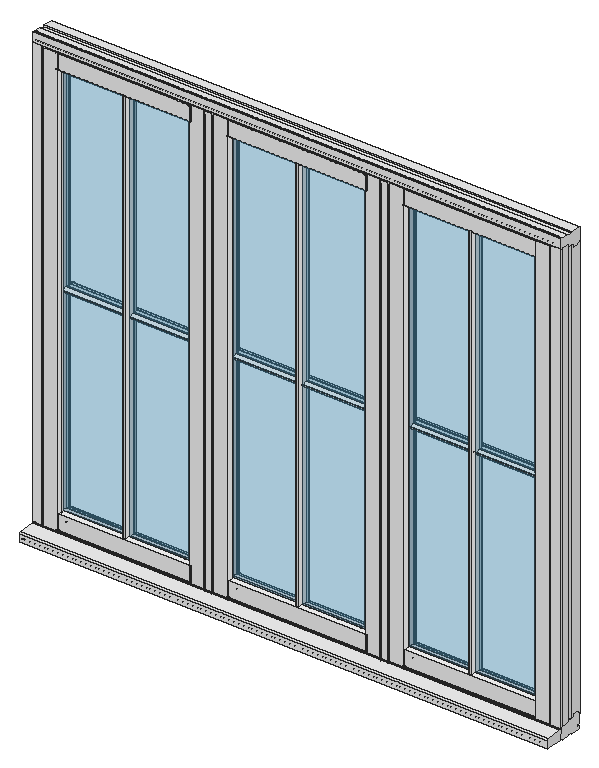
Revit family "C3-4P", category Windows, host Wall, Revit 2012
Parameters
  metal = Matel
  Wood = WindowColor
  Str.Tolrance = 11.0 mm
  Height = 1770.0 mm
  Glass = Glass
  Default Sill Height = 914.4 mm
  Wall Closure = By host
  Width = 2078.0 mm
Reference planes
  plane 1 "Center (Front/Back)": y = 0
  plane 2: z = 0
  plane 3 "Center (Left/Right)": x = 0
  plane 4 "Left": x = -1039
  plane 5 "Right": x = 1039
  plane 6 "Sill": z = 914.4
  plane 7 "Top": z = 2684.4
  plane 8: y = 33.076
  plane 9: z = 2648.4
  plane 10: x = 999
  plane 11: x = -999
  plane 12: z = 2644.4
  plane 13: z = 962.4
  plane 14: x = 941
  plane 15: x = -941
  plane 16: z = 1024.4
  plane 17: z = 2586.4
  plane 18: z = 2628.4
  plane 19: z = 1799.4
  plane 20: x = 346.333
  plane 21: x = -346.333
  plane 22: z = 952.4
  plane 23: x = 32.529
  plane 24: x = 364.333
  plane 25: x = 328.333
  plane 26: x = -364.333
  plane 27: x = -328.333
  plane 28: x = -230.333
  plane 29: x = 681.667
  plane 30: x = 0
  plane 31: x = -681.667
Forms (mm)
  Sweep 1, solid, material "Matel" <- "metal"
    path origin (0, 0, 0) x (1, 0, 0) y (0, 0, 1)
      loop
        line (1039, 914.4) -> (1039, 2648.4)
    profile origin (1039, 0, 1781.4) x (-1, 0, 0) y (0, -1, 0)
      loop
        line (0, -10) -> (0, -47) -> (43, -47) -> (43, -44)
        arc (43, -44) -> (50.071, -41.071) -> (53, -34) r 10
        line (53, -34) -> (56, -34) -> (56, -18) -> (36, -18) -> (36, -14) -> (44, -14) -> (44, -4) -> (36, -4) -> (36, -1) -> (44, -1) -> (44, 7) -> (36, 7) -> (36, 31.727)
        arc (36, 31.727) -> (34.922, 33.441) -> (33, 34.079) r 3
        line (33, 34.079) -> (33, 41)
        arc (33, 41) -> (34.834, 41.499) -> (36, 43) r 3
        line (36, 43) -> (36, 47) -> (0, 47) -> (0, 42) -> (2, 42)
        arc (2, 42) -> (5, 39) -> (2, 36) r 3
        line (2, 36) -> (0, 36) -> (0, 10) -> (5, 10) -> (5, -10) -> (0, -10)
  Sweep 2, solid, material "Matel" <- "metal"
    path origin (0, 0, 0) x (1, 0, 0) y (0, 0, 1)
      loop
        line (999, 914.4) -> (999, 2644.4)
    profile origin (999, 0, 1779.4) x (-1, 0, 0) y (0, -1, 0)
      loop
        arc (8, -11.25) -> (8.879, -13.371) -> (11, -14.25) r 3
        line (11, -14.25) -> (52, -14.25) -> (52, 33.75) -> (68, 33.75) -> (68, 35.75) -> (58, 45.75) -> (3, 45.75)
        arc (3, 45.75) -> (0.879, 44.871) -> (0, 42.75) r 3
        line (0, 42.75) -> (0, 40.75)
        arc (0, 40.75) -> (0.879, 38.629) -> (3, 37.75) r 3
        line (3, 37.75) -> (8, 37.75) -> (8, 26.75)
        arc (8, 26.75) -> (8.586, 25.336) -> (10, 24.75) r 2
        line (10, 24.75) -> (10, 6.75)
        arc (10, 6.75) -> (8.586, 6.164) -> (8, 4.75) r 2
        line (8, 4.75) -> (8, -11.25)
  Sweep 3, solid, material "Matel" <- "metal"
    path origin (0, 0, 0) x (-1, 0, 0) y (0, 0, 1)
      loop
        line (1039, 914.4) -> (1039, 2648.4)
    profile origin (-1039, 0, 1781.4) x (-1, 0, 0) y (0, -1, 0)
      loop
        line (0, -10) -> (-5, -10) -> (-5, 10) -> (0, 10) -> (0, 36) -> (-2, 36)
        arc (-2, 36) -> (-5, 39) -> (-2, 42) r 3
        line (-2, 42) -> (0, 42) -> (0, 47) -> (-36, 47) -> (-36, 43)
        arc (-36, 43) -> (-34.834, 41.499) -> (-33, 41) r 3
        line (-33, 41) -> (-33, 34.079)
        arc (-33, 34.079) -> (-34.922, 33.441) -> (-36, 31.727) r 3
        line (-36, 31.727) -> (-36, 7) -> (-44, 7) -> (-44, -1) -> (-36, -1) -> (-36, -4) -> (-44, -4) -> (-44, -14) -> (-36, -14) -> (-36, -18) -> (-56, -18) -> (-56, -34) -> (-53, -34)
        arc (-53, -34) -> (-50.071, -41.071) -> (-43, -44) r 10
        line (-43, -44) -> (-43, -47) -> (0, -47) -> (0, -10)
  Sweep 4, solid, material "Matel" <- "metal"
    path origin (-2484.788, 0, 2651.344) x (0, 0, 1) y (1, 0, 0)
      loop
        line (33.056, 1445.788) -> (33.056, 3523.788)
    profile origin (0, 0, 2684.4) x (0, 0, 1) y (0, -1, 0)
      loop
        line (0, -10) -> (-5, -10) -> (-5, 10) -> (0, 10) -> (0, 36) -> (-2, 36)
        arc (-2, 36) -> (-5, 39) -> (-2, 42) r 3
        line (-2, 42) -> (0, 42) -> (0, 47) -> (-36, 47) -> (-36, 43)
        arc (-36, 43) -> (-34.834, 41.499) -> (-33, 41) r 3
        line (-33, 41) -> (-33, 34.079)
        arc (-33, 34.079) -> (-34.922, 33.441) -> (-36, 31.727) r 3
        line (-36, 31.727) -> (-36, 7) -> (-44, 7) -> (-44, -1) -> (-36, -1) -> (-36, -4) -> (-44, -4) -> (-44, -14) -> (-36, -14) -> (-36, -18) -> (-56, -18) -> (-56, -34) -> (-53, -34)
        arc (-53, -34) -> (-50.071, -41.071) -> (-43, -44) r 10
        line (-43, -44) -> (-43, -47) -> (0, -47) -> (0, -10)
  Sweep 5, solid, material "Matel" <- "metal"
    path origin (0, 0, 0) x (1, 0, 0) y (0, 0, 1)
      loop
        line (1039, 914.4) -> (-1039, 914.4)
    profile origin (0, 0, 914.4) x (0, 0, -1) y (0, -1, 0)
      loop
        line (-55, -46) -> (-20, -46) -> (-20, -36) -> (-10, -36) -> (-10, -46) -> (0, -46) -> (0, -9) -> (-5, -9) -> (-5, 11) -> (0, 11) -> (0, 37) -> (-2, 37)
        arc (-2, 37) -> (-5, 40) -> (-2, 43) r 3
        line (-2, 43) -> (0, 43) -> (0, 48) -> (-23, 48) -> (-23, 43) -> (-38, 43) -> (-38, 48) -> (-41, 48)
        arc (-41, 48) -> (-42.414, 47.414) -> (-43, 46) r 2
        line (-43, 46) -> (-48, 6) -> (-53, 6) -> (-56, -17) -> (-57, -17) -> (-57, -23) -> (-60, -23) -> (-60, -17) -> (-68, -17) -> (-68, -33) -> (-65, -33)
        arc (-65, -33) -> (-62.071, -40.071) -> (-55, -43) r 10
        line (-55, -43) -> (-55, -46)
  Sweep 6, solid, material "Matel" <- "metal"
    path origin (0, 0, 0) x (1, 0, 0) y (0, 0, 1)
      loop
        line (1039, 914.4) -> (-1039, 914.4)
    profile origin (0, 0, 914.4) x (0, 0, -1) y (0, -1, 0)
      loop
        line (-2, 103) -> (0, 103) -> (0, 108) -> (-28, 108)
        arc (-28, 108) -> (-30.068, 107.174) -> (-30.996, 105.149) r 3
        line (-30.996, 105.149) -> (-38, 48) -> (-38, 43) -> (-23, 43) -> (-23, 48) -> (0, 48) -> (0, 97) -> (-2, 97)
        arc (-2, 97) -> (-5, 100) -> (-2, 103) r 3
  Sweep 7, solid, material "Matel" <- "metal"
    path origin (0, 0, 0) x (1, 0, 0) y (0, 0, 1)
      loop
        line (947, 957.4) -> (416.333, 957.4)
    profile origin (681.667, 0, 957.4) x (0, 0, -1) y (0, -1, 0)
      loop
        line (-12, -11.75) -> (-12, 4.25)
        arc (-12, 4.25) -> (-12.586, 5.664) -> (-14, 6.25) r 2
        line (-14, 6.25) -> (-14, 24.25)
        arc (-14, 24.25) -> (-12.586, 24.836) -> (-12, 26.25) r 2
        line (-12, 26.25) -> (-12, 37.25) -> (-3, 37.25)
        arc (-3, 37.25) -> (-0.879, 38.129) -> (0, 40.25) r 3
        line (0, 40.25) -> (0, 42.25)
        arc (0, 42.25) -> (-0.879, 44.371) -> (-3, 45.25) r 3
        line (-3, 45.25) -> (-62, 45.25) -> (-72, 35.25) -> (-72, 33.25) -> (-56, 33.25) -> (-56, -14.75) -> (-15, -14.75)
        arc (-15, -14.75) -> (-12.879, -13.871) -> (-12, -11.75) r 3
  Sweep 8, solid, material "Matel" <- "metal"
    path origin (0, 0, 0) x (1, 0, 0) y (0, 0, 1)
      loop
        line (-422.333, 2586.4) -> (-941, 2586.4) -> (-941, 1019.4) -> (-422.333, 1019.4) -> (-422.333, 2586.4)
    profile origin (-681.667, 0, 2586.4) x (0, 0, -1) y (0, -1, 0)
      loop
        line (-1, -10) -> (-1, -7)
        arc (-1, -7) -> (4.657, -4.657) -> (7, 1) r 8
        line (7, 1) -> (10, 1) -> (10, 5) -> (6, 6) -> (6, 9) -> (-6, 9) -> (-6, -10) -> (-1, -10)
  Sweep 9, solid
    path origin (0, 0, 0) x (1, 0, 0) y (0, 0, 1)
      loop
        line (-422.333, 2586.4) -> (-941, 2586.4) -> (-941, 1024.4) -> (-422.333, 1024.4) -> (-422.333, 2586.4)
    profile origin (-681.667, 0, 2586.4) x (0, 0, -1) y (0, -1, 0)
      loop
        line (-6, 13.165) -> (4, 13.165) -> (4, 29.165) -> (-6, 29.165) -> (-6, 13.165)
  Sweep 10, void
    path origin (0, 0, 0) x (1, 0, 0) y (0, 1, 0)
      loop
        line (-1039, 0) -> (1039, 0)
    profile origin (0, 0, 0) x (0, 1, 0) y (0, 0, 1)
      loop
        line (46, 969.4) -> (43, 969.4)
        arc (43, 969.4) -> (40.071, 976.471) -> (33, 979.4) r 10
        line (33, 979.4) -> (33, 982.4) -> (17, 982.4) -> (17, 974.4) -> (23, 974.4) -> (23, 971.4) -> (17, 971.4) -> (17, 970.4) -> (-6, 967.4) -> (-6, 962.4) -> (-46, 957.4)
        arc (-46, 957.4) -> (-47.414, 956.814) -> (-48, 955.4) r 2
        line (-48, 955.4) -> (-48, 952.4) -> (-80.364, 948.378) -> (-105.37, 945.377) -> (-130.37, 942.377)
        arc (-130.37, 942.377) -> (-132.248, 941.386) -> (-133, 939.4) r 3
        line (-133, 939.4) -> (-133, 909.4) -> (57, 909.4) -> (57, 969.4) -> (46, 969.4)
  Sweep 11, void
    path origin (0, 0, 0) x (1, 0, 0) y (0, 1, 0)
      loop
        line (-1039, 0) -> (1039, 0)
    profile origin (0, 0, 0) x (0, 1, 0) y (0, 0, 1)
      loop
        line (47, 2641.4) -> (57, 2641.4) -> (57, 2691.4) -> (-58, 2691.4) -> (-58, 2648.4) -> (-47, 2648.4) -> (-43, 2648.4)
        arc (-43, 2648.4) -> (-41.499, 2649.566) -> (-41, 2651.4) r 3
        line (-41, 2651.4) -> (-34.079, 2651.4)
        arc (-34.079, 2651.4) -> (-33.441, 2649.478) -> (-31.727, 2648.4) r 3
        line (-31.727, 2648.4) -> (-7, 2648.4) -> (-7, 2640.4) -> (1, 2640.4) -> (1, 2648.4) -> (4, 2648.4) -> (4, 2640.4) -> (14, 2640.4) -> (14, 2648.4) -> (18, 2648.4) -> (18, 2628.4) -> (34, 2628.4) -> (34, 2631.4)
        arc (34, 2631.4) -> (41.071, 2634.329) -> (44, 2641.4) r 10
        line (44, 2641.4) -> (47, 2641.4)
  Sweep 12, solid, material "Matel" <- "metal"
    path origin (0, 0, 0) x (1, 0, 0) y (0, 0, 1)
      loop
        line (941, 1799.4) -> (-941, 1799.4)
    profile origin (0, 0, 1799.4) x (0, 0, -1) y (0, -1, 0)
      loop
        line (10, -10.711) -> (-10, -10.711) -> (-10, -16.711) -> (-8, -16.711) -> (-8, -19.211)
        arc (-8, -19.211) -> (-6.294, -23.727) -> (-2.5, -26.711) r 9
        line (-2.5, -26.711) -> (-2.5, -28.711) -> (2.5, -28.711) -> (2.5, -26.711)
        arc (2.5, -26.711) -> (6.294, -23.727) -> (8, -19.211) r 9
        line (8, -19.211) -> (8, -16.711) -> (10, -16.711) -> (10, -10.711)
      loop
        line (10, 18.378) -> (2.551, 26.532) -> (2.551, 28.532) -> (-2.449, 28.532) -> (-2.449, 26.532) -> (-10, 15.578) -> (10, 15.578) -> (10, 18.378)
  Sweep 13, solid, material "Matel" <- "metal"
    path origin (0, 0, 0) x (1, 0, 0) y (0, 0, 1)
      loop
        line (941, 1799.4) -> (-941, 1799.4)
    profile origin (0, 0, 1799.4) x (0, 0, -1) y (0, -1, 0)
      loop
        line (10, -5.465) -> (10, 10.535) -> (-10, 10.535) -> (-10, -5.465) -> (10, -5.465)
  Sweep 14, solid, material "Matel" <- "metal"
    path origin (0, 0, 0) x (1, 0, 0) y (0, 0, 1)
      loop
        line (346.333, 2644.4) -> (346.333, 952.4)
    profile origin (346.333, 0, 1798.4) x (0, -1, 0) y (1, 0, 0)
      loop
        line (43, -13.953) -> (47, -13.953) -> (47, 14.047) -> (43, 14.047)
        arc (43, 14.047) -> (41.586, 13.461) -> (41, 12.047) r 2
        line (41, 12.047) -> (41, 11.047) -> (34, 11.047) -> (34, 12.047)
        arc (34, 12.047) -> (33.414, 13.461) -> (32, 14.047) r 2
        line (32, 14.047) -> (7, 14.047) -> (7, 20.047) -> (-1, 20.047) -> (-1, 14.047) -> (-4, 14.047) -> (-4, 22.047) -> (-14, 22.047) -> (-14, 14.047) -> (-18, 14.047) -> (-18, 34.047) -> (-34, 34.047) -> (-34, 31.047)
        arc (-34, 31.047) -> (-41.071, 28.118) -> (-44, 21.047) r 10
        line (-44, 21.047) -> (-47, 21.047) -> (-47, -20.953) -> (-44, -20.953)
        arc (-44, -20.953) -> (-41.071, -28.024) -> (-34, -30.953) r 10
        line (-34, -30.953) -> (-34, -33.953) -> (-18, -33.953) -> (-18, -13.953) -> (-14, -13.953) -> (-14, -21.953) -> (-4, -21.953) -> (-4, -13.953) -> (-1, -13.953) -> (-1, -19.953) -> (7, -19.953) -> (7, -13.953) -> (32, -13.953)
        arc (32, -13.953) -> (33.414, -13.367) -> (34, -11.953) r 2
        line (34, -11.953) -> (34, -10.953) -> (41, -10.953) -> (41, -11.953)
        arc (41, -11.953) -> (41.586, -13.367) -> (43, -13.953) r 2
  Sweep 15, solid, material "Matel" <- "metal"
    path origin (0, 0, 0) x (-1, 0, 0) y (0, 0, 1)
      loop
        line (346.333, 2644.4) -> (346.333, 952.4)
    profile origin (-346.333, 0, 1798.4) x (0, -1, 0) y (1, 0, 0)
      loop
        arc (43, 13.953) -> (41.586, 13.367) -> (41, 11.953) r 2
        line (41, 11.953) -> (41, 10.953) -> (34, 10.953) -> (34, 11.953)
        arc (34, 11.953) -> (33.414, 13.367) -> (32, 13.953) r 2
        line (32, 13.953) -> (7, 13.953) -> (7, 19.953) -> (-1, 19.953) -> (-1, 13.953) -> (-4, 13.953) -> (-4, 21.953) -> (-14, 21.953) -> (-14, 13.953) -> (-18, 13.953) -> (-18, 33.953) -> (-34, 33.953) -> (-34, 30.953)
        arc (-34, 30.953) -> (-41.071, 28.024) -> (-44, 20.953) r 10
        line (-44, 20.953) -> (-47, 20.953) -> (-47, -21.047) -> (-44, -21.047)
        arc (-44, -21.047) -> (-41.071, -28.118) -> (-34, -31.047) r 10
        line (-34, -31.047) -> (-34, -34.047) -> (-18, -34.047) -> (-18, -14.047) -> (-14, -14.047) -> (-14, -22.047) -> (-4, -22.047) -> (-4, -14.047) -> (-1, -14.047) -> (-1, -20.047) -> (7, -20.047) -> (7, -14.047) -> (32, -14.047)
        arc (32, -14.047) -> (33.414, -13.461) -> (34, -12.047) r 2
        line (34, -12.047) -> (34, -11.047) -> (41, -11.047) -> (41, -12.047)
        arc (41, -12.047) -> (41.586, -13.461) -> (43, -14.047) r 2
        line (43, -14.047) -> (47, -14.047) -> (47, 13.953) -> (43, 13.953)
  Sweep 16, solid, material "Matel" <- "metal"
    path origin (0, 1.25, 0) x (-1, 0, 0) y (0, 0, 1)
      loop
        line (999, 914.4) -> (999, 2644.4)
    profile origin (-999, 1.25, 1779.4) x (-1, 0, 0) y (0, -1, 0)
      loop
        line (-8, -10) -> (-8, 6)
        arc (-8, 6) -> (-8.586, 7.414) -> (-10, 8) r 2
        line (-10, 8) -> (-10, 26)
        arc (-10, 26) -> (-8.586, 26.586) -> (-8, 28) r 2
        line (-8, 28) -> (-8, 39) -> (-3, 39)
        arc (-3, 39) -> (-0.879, 39.879) -> (0, 42) r 3
        line (0, 42) -> (0, 44)
        arc (0, 44) -> (-0.879, 46.121) -> (-3, 47) r 3
        line (-3, 47) -> (-58, 47) -> (-68, 37) -> (-68, 35) -> (-52, 35) -> (-52, -13) -> (-11, -13)
        arc (-11, -13) -> (-8.879, -12.121) -> (-8, -10) r 3
  Sweep 17, solid, material "Matel" <- "metal"
    path origin (0, 0, 0) x (-1, 0, 0) y (0, 0, 1)
      loop
        line (-422.333, 2586.4) -> (-941, 2586.4) -> (-941, 1019.4) -> (-422.333, 1019.4) -> (-422.333, 2586.4)
    profile origin (681.667, 0, 2586.4) x (0, 0, 1) y (0, -1, 0)
      loop
        line (1, -10) -> (6, -10) -> (6, 9) -> (-6, 9) -> (-6, 6) -> (-10, 5) -> (-10, 1) -> (-7, 1)
        arc (-7, 1) -> (-4.657, -4.657) -> (1, -7) r 8
        line (1, -7) -> (1, -10)
  Sweep 18, solid, material "Matel" <- "metal"
    path origin (692.667, 0, 0) x (-1, 0, 0) y (0, 0, 1)
      loop
        line (1021, 914.4) -> (1021, 2644.4)
    profile origin (-328.333, 0, 1779.4) x (-1, 0, 0) y (0, -1, 0)
      loop
        line (-8, -11.25) -> (-8, 4.75)
        arc (-8, 4.75) -> (-8.586, 6.164) -> (-10, 6.75) r 2
        line (-10, 6.75) -> (-10, 24.75)
        arc (-10, 24.75) -> (-8.586, 25.336) -> (-8, 26.75) r 2
        line (-8, 26.75) -> (-8, 37.75) -> (-3, 37.75)
        arc (-3, 37.75) -> (-0.879, 38.629) -> (0, 40.75) r 3
        line (0, 40.75) -> (0, 42.75)
        arc (0, 42.75) -> (-0.879, 44.871) -> (-3, 45.75) r 3
        line (-3, 45.75) -> (-58, 45.75) -> (-68, 35.75) -> (-68, 33.75) -> (-52, 33.75) -> (-52, -14.25) -> (-11, -14.25)
        arc (-11, -14.25) -> (-8.879, -13.371) -> (-8, -11.25) r 3
  Sweep 19, solid, material "Matel" <- "metal"
    path origin (-692.667, 0, 0) x (1, 0, 0) y (0, 0, 1)
      loop
        line (1021, 914.4) -> (1021, 2644.4)
    profile origin (328.333, 0, 1779.4) x (-1, 0, 0) y (0, -1, 0)
      loop
        arc (8, -11.25) -> (8.879, -13.371) -> (11, -14.25) r 3
        line (11, -14.25) -> (52, -14.25) -> (52, 33.75) -> (68, 33.75) -> (68, 35.75) -> (58, 45.75) -> (3, 45.75)
        arc (3, 45.75) -> (0.879, 44.871) -> (0, 42.75) r 3
        line (0, 42.75) -> (0, 40.75)
        arc (0, 40.75) -> (0.879, 38.629) -> (3, 37.75) r 3
        line (3, 37.75) -> (8, 37.75) -> (8, 26.75)
        arc (8, 26.75) -> (8.586, 25.336) -> (10, 24.75) r 2
        line (10, 24.75) -> (10, 6.75)
        arc (10, 6.75) -> (8.586, 6.164) -> (8, 4.75) r 2
        line (8, 4.75) -> (8, -11.25)
  Sweep 20, solid, material "Matel" <- "metal"
    path origin (-4391.593, 0, -190.247) x (0, 0, 1) y (1, 0, 0)
      loop
        line (2834.647, 4115.259) -> (2834.647, 4667.926)
    profile origin (0, 0, 2644.4) x (0, 0, 1) y (0, -1, 0)
      loop
        line (-8, -11.75) -> (-8, 4.25)
        arc (-8, 4.25) -> (-8.586, 5.664) -> (-10, 6.25) r 2
        line (-10, 6.25) -> (-10, 24.25)
        arc (-10, 24.25) -> (-8.586, 24.836) -> (-8, 26.25) r 2
        line (-8, 26.25) -> (-8, 37.25) -> (-3, 37.25)
        arc (-3, 37.25) -> (-0.879, 38.129) -> (0, 40.25) r 3
        line (0, 40.25) -> (0, 42.25)
        arc (0, 42.25) -> (-0.879, 44.371) -> (-3, 45.25) r 3
        line (-3, 45.25) -> (-58, 45.25) -> (-68, 35.25) -> (-68, 33.25) -> (-52, 33.25) -> (-52, -14.75) -> (-11, -14.75)
        arc (-11, -14.75) -> (-8.879, -13.871) -> (-8, -11.75) r 3
  Sweep 21, solid, material "Matel" <- "metal"
    path origin (692.667, 0, 0) x (-1, 0, 0) y (0, 0, 1)
      loop
        line (969, 957.4) -> (416.333, 957.4)
    profile origin (0, 0, 957.4) x (0, 0, 1) y (0, -1, 0)
      loop
        arc (12, -11.75) -> (12.879, -13.871) -> (15, -14.75) r 3
        line (15, -14.75) -> (56, -14.75) -> (56, 33.25) -> (72, 33.25) -> (72, 35.25) -> (62, 45.25) -> (3, 45.25)
        arc (3, 45.25) -> (0.879, 44.371) -> (0, 42.25) r 3
        line (0, 42.25) -> (0, 40.25)
        arc (0, 40.25) -> (0.879, 38.129) -> (3, 37.25) r 3
        line (3, 37.25) -> (12, 37.25) -> (12, 26.25)
        arc (12, 26.25) -> (12.586, 24.836) -> (14, 24.25) r 2
        line (14, 24.25) -> (14, 6.25)
        arc (14, 6.25) -> (12.586, 5.664) -> (12, 4.25) r 2
        line (12, 4.25) -> (12, -11.75)
  Sweep 22, solid, material "Matel" <- "metal"
    path origin (-1385.333, 0, 0) x (1, 0, 0) y (0, 0, 1)
      loop
        line (969, 957.4) -> (438.333, 957.4)
    profile origin (-681.667, 0, 957.4) x (0, 0, -1) y (0, -1, 0)
      loop
        line (-12, -11.75) -> (-12, 4.25)
        arc (-12, 4.25) -> (-12.586, 5.664) -> (-14, 6.25) r 2
        line (-14, 6.25) -> (-14, 24.25)
        arc (-14, 24.25) -> (-12.586, 24.836) -> (-12, 26.25) r 2
        line (-12, 26.25) -> (-12, 37.25) -> (-3, 37.25)
        arc (-3, 37.25) -> (-0.879, 38.129) -> (0, 40.25) r 3
        line (0, 40.25) -> (0, 42.25)
        arc (0, 42.25) -> (-0.879, 44.371) -> (-3, 45.25) r 3
        line (-3, 45.25) -> (-62, 45.25) -> (-72, 35.25) -> (-72, 33.25) -> (-56, 33.25) -> (-56, -14.75) -> (-15, -14.75)
        arc (-15, -14.75) -> (-12.879, -13.871) -> (-12, -11.75) r 3
  Sweep 23, solid, material "Matel" <- "metal"
    path origin (692.667, 0, 0) x (1, 0, 0) y (0, 0, 1)
      loop
        line (-416.333, 2586.4) -> (-969, 2586.4) -> (-969, 1018.4) -> (-416.333, 1018.4) -> (-416.333, 2586.4)
    profile origin (0, 0, 2586.4) x (0, 0, -1) y (0, -1, 0)
      loop
        line (-1, -10) -> (-1, -7)
        arc (-1, -7) -> (4.657, -4.657) -> (7, 1) r 8
        line (7, 1) -> (10, 1) -> (10, 5) -> (6, 6) -> (6, 9) -> (-6, 9) -> (-6, -10) -> (-1, -10)
  Sweep 24, solid
    path origin (0, 0, 0) x (-1, 0, 0) y (0, 0, 1)
      loop
        line (-428.333, 2586.4) -> (-941, 2586.4) -> (-941, 1024.4) -> (-428.333, 1024.4) -> (-428.333, 2586.4)
    profile origin (684.667, 0, 2586.4) x (0, 0, 1) y (0, -1, 0)
      loop
        line (6, 13.165) -> (6, 29.165) -> (-4, 29.165) -> (-4, 13.165) -> (6, 13.165)
  Sweep 25, solid
    path origin (-692.667, 0, 0) x (-1, 0, 0) y (0, 0, 1)
      loop
        line (-422.333, 2586.4) -> (-963, 2586.4) -> (-963, 1024.4) -> (-422.333, 1024.4) -> (-422.333, 2586.4)
    profile origin (0, 0, 2586.4) x (0, 0, 1) y (0, -1, 0)
      loop
        line (6, 13.165) -> (6, 29.165) -> (-4, 29.165) -> (-4, 13.165) -> (6, 13.165)
  Extrusion 26, solid, material "Glass" <- "Glass"
    sketch origin (0, 0, 0) x (1, 0, 0) y (0, 0, 1)
      loop
        line (941, 2586.4) -> (422.333, 2586.4) -> (422.333, 1024.4) -> (941, 1024.4) -> (941, 2586.4)
    from 29.165 to 33.165
  Extrusion 27, solid, material "Glass" <- "Glass"
    sketch origin (0, -42.331, 0) x (1, 0, 0) y (0, 0, -1)
      loop
        line (941, -2586.4) -> (941, -1018.4) -> (422.333, -1018.4) -> (422.333, -2586.4) -> (941, -2586.4)
    from 29.165 to 33.165
  Extrusion 28, solid, material "Glass" <- "Glass"
    sketch origin (0, 0, 0) x (-1, 0, 0) y (0, 0, -1)
      loop
        line (941, -2586.4) -> (941, -1024.4) -> (416.333, -1024.4) -> (416.333, -2586.4) -> (941, -2586.4)
    from 29.165 to 33.165
  Extrusion 29, solid, material "Glass" <- "Glass"
    sketch origin (0, -42.331, 0) x (-1, 0, 0) y (0, 0, 1)
      loop
        line (941, 2586.4) -> (416.333, 2586.4) -> (416.333, 1018.4) -> (941, 1018.4) -> (941, 2586.4)
    from 29.165 to 33.165
  Extrusion 30, solid, material "Glass" <- "Glass"
    sketch origin (700, 0, 0) x (-1, 0, 0) y (0, 0, -1)
      loop
        line (976.333, -2586.4) -> (976.333, -1018.4) -> (423.667, -1018.4) -> (423.667, -2586.4) -> (976.333, -2586.4)
    from 29.165 to 33.165
  Extrusion 31, solid, material "Glass" <- "Glass"
    sketch origin (700, -42.331, 0) x (-1, 0, 0) y (0, 0, 1)
      loop
        line (976.333, 2586.4) -> (423.667, 2586.4) -> (423.667, 1018.4) -> (976.333, 1018.4) -> (976.333, 2586.4)
    from 29.165 to 33.165
  Sweep 32, solid, material "Matel" <- "metal", detail levels fine
    path origin (-1117.733, 0, 1556.764) x (0, 0, -1) y (1, 0, 0)
      loop
        line (532.364, 1799.4) -> (-1029.636, 1799.4)
    profile origin (681.667, 0, 1805.4) x (-1, 0, 0) y (0, -1, 0)
      loop
        line (10, 7.883) -> (-10, 7.883) -> (-10, 1.883) -> (-8, 1.883) -> (-8, -0.617)
        arc (-8, -0.617) -> (-6.294, -5.133) -> (-2.5, -8.117) r 9
        line (-2.5, -8.117) -> (-2.5, -10.117) -> (2.5, -10.117) -> (2.5, -8.117)
        arc (2.5, -8.117) -> (6.294, -5.133) -> (8, -0.617) r 9
        line (8, -0.617) -> (8, 1.883) -> (10, 1.883) -> (10, 7.883)
      loop
        line (10, 36.972) -> (2.551, 45.126) -> (2.551, 47.126) -> (-2.449, 47.126) -> (-2.449, 45.126) -> (-10, 34.172) -> (10, 34.172) -> (10, 36.972)
  Sweep 33, solid, material "Matel" <- "metal", detail levels fine
    path origin (-5067.285, 0, 1340.129) x (0, 0, -1) y (1, 0, 0)
      loop
        line (315.729, 5748.951) -> (-1246.271, 5748.951)
    profile origin (681.667, 0, 1805.4) x (-1, 0, 0) y (0, -1, 0)
      loop
        line (10, 13.285) -> (10, 29.285) -> (-10, 29.285) -> (-10, 13.285) -> (10, 13.285)
  Sweep 34, solid, material "Matel" <- "metal", detail levels fine
    path origin (-4440.746, 0, 1484.764) x (0, 0, -1) y (1, 0, 0)
      loop
        line (460.364, 4440.746) -> (-1101.636, 4440.746)
    profile origin (0, 0, 1805.4) x (-1, 0, 0) y (0, -1, 0)
      loop
        line (10, 7.883) -> (-10, 7.883) -> (-10, 1.883) -> (-8, 1.883) -> (-8, -0.617)
        arc (-8, -0.617) -> (-6.294, -5.133) -> (-2.5, -8.117) r 9
        line (-2.5, -8.117) -> (-2.5, -10.117) -> (2.5, -10.117) -> (2.5, -8.117)
        arc (2.5, -8.117) -> (6.294, -5.133) -> (8, -0.617) r 9
        line (8, -0.617) -> (8, 1.883) -> (10, 1.883) -> (10, 7.883)
      loop
        line (10, 36.972) -> (2.551, 45.126) -> (2.551, 47.126) -> (-2.449, 47.126) -> (-2.449, 45.126) -> (-10, 34.172) -> (10, 34.172) -> (10, 36.972)
  Sweep 35, solid, material "Matel" <- "metal", detail levels fine
    path origin (-8390.297, 0, 1268.129) x (0, 0, -1) y (1, 0, 0)
      loop
        line (243.729, 8390.297) -> (-1318.271, 8390.297)
    profile origin (0, 0, 1805.4) x (-1, 0, 0) y (0, -1, 0)
      loop
        line (10, 13.285) -> (10, 29.285) -> (-10, 29.285) -> (-10, 13.285) -> (10, 13.285)
  Sweep 36, solid, material "Matel" <- "metal", detail levels fine
    path origin (-4624.339, 0, 1249.976) x (0, 0, -1) y (1, 0, 0)
      loop
        line (225.576, 3942.672) -> (-1336.424, 3942.672)
    profile origin (-681.667, 0, 1805.4) x (-1, 0, 0) y (0, -1, 0)
      loop
        line (10, 7.883) -> (-10, 7.883) -> (-10, 1.883) -> (-8, 1.883) -> (-8, -0.617)
        arc (-8, -0.617) -> (-6.294, -5.133) -> (-2.5, -8.117) r 9
        line (-2.5, -8.117) -> (-2.5, -10.117) -> (2.5, -10.117) -> (2.5, -8.117)
        arc (2.5, -8.117) -> (6.294, -5.133) -> (8, -0.617) r 9
        line (8, -0.617) -> (8, 1.883) -> (10, 1.883) -> (10, 7.883)
      loop
        line (10, 36.972) -> (2.551, 45.126) -> (2.551, 47.126) -> (-2.449, 47.126) -> (-2.449, 45.126) -> (-10, 34.172) -> (10, 34.172) -> (10, 36.972)
  Sweep 37, solid, material "Matel" <- "metal", detail levels fine
    path origin (-8573.89, 0, 1033.341) x (0, 0, -1) y (1, 0, 0)
      loop
        line (8.941, 7892.223) -> (-1553.059, 7892.223)
    profile origin (-681.667, 0, 1805.4) x (-1, 0, 0) y (0, -1, 0)
      loop
        line (10, 13.285) -> (10, 29.285) -> (-10, 29.285) -> (-10, 13.285) -> (10, 13.285)
  Sweep 38, solid, material "Matel" <- "metal"
    path origin (-1363.333, 1.25, 0) x (1, 0, 0) y (0, 0, 1)
      loop
        line (999, 914.4) -> (999, 2644.4)
    profile origin (-364.333, 1.25, 1779.4) x (-1, 0, 0) y (0, -1, 0)
      loop
        arc (8, -10) -> (8.879, -12.121) -> (11, -13) r 3
        line (11, -13) -> (52, -13) -> (52, 35) -> (68, 35) -> (68, 37) -> (58, 47) -> (3, 47)
        arc (3, 47) -> (0.879, 46.121) -> (0, 44) r 3
        line (0, 44) -> (0, 42)
        arc (0, 42) -> (0.879, 39.879) -> (3, 39) r 3
        line (3, 39) -> (8, 39) -> (8, 28)
        arc (8, 28) -> (8.586, 26.586) -> (10, 26) r 2
        line (10, 26) -> (10, 8)
        arc (10, 8) -> (8.586, 7.414) -> (8, 6) r 2
        line (8, 6) -> (8, -10)
  Sweep 39, solid, material "Matel" <- "metal"
    path origin (1363.333, 1.25, 0) x (-1, 0, 0) y (0, 0, 1)
      loop
        line (999, 914.4) -> (999, 2644.4)
    profile origin (364.333, 1.25, 1779.4) x (-1, 0, 0) y (0, -1, 0)
      loop
        line (-8, -10) -> (-8, 6)
        arc (-8, 6) -> (-8.586, 7.414) -> (-10, 8) r 2
        line (-10, 8) -> (-10, 26)
        arc (-10, 26) -> (-8.586, 26.586) -> (-8, 28) r 2
        line (-8, 28) -> (-8, 39) -> (-3, 39)
        arc (-3, 39) -> (-0.879, 39.879) -> (0, 42) r 3
        line (0, 42) -> (0, 44)
        arc (0, 44) -> (-0.879, 46.121) -> (-3, 47) r 3
        line (-3, 47) -> (-58, 47) -> (-68, 37) -> (-68, 35) -> (-52, 35) -> (-52, -13) -> (-11, -13)
        arc (-11, -13) -> (-8.879, -12.121) -> (-8, -10) r 3
  Sweep 40, solid, material "Matel" <- "metal"
    path origin (-4851.593, 1.75, -190.247) x (0, 0, 1) y (1, 0, 0)
      loop
        line (2834.647, 3904.593) -> (2834.647, 4435.259)
    profile origin (-681.667, 1.75, 2644.4) x (0, 0, 1) y (0, -1, 0)
      loop
        line (-8, -10) -> (-8, 6)
        arc (-8, 6) -> (-8.586, 7.414) -> (-10, 8) r 2
        line (-10, 8) -> (-10, 26)
        arc (-10, 26) -> (-8.586, 26.586) -> (-8, 28) r 2
        line (-8, 28) -> (-8, 39) -> (-3, 39)
        arc (-3, 39) -> (-0.879, 39.879) -> (0, 42) r 3
        line (0, 42) -> (0, 44)
        arc (0, 44) -> (-0.879, 46.121) -> (-3, 47) r 3
        line (-3, 47) -> (-58, 47) -> (-68, 37) -> (-68, 35) -> (-52, 35) -> (-52, -13) -> (-11, -13)
        arc (-11, -13) -> (-8.879, -12.121) -> (-8, -10) r 3
  Sweep 41, solid, material "Matel" <- "metal"
    path origin (-4251.593, 1.75, -190.247) x (0, 0, 1) y (1, 0, 0)
      loop
        line (2834.647, 4667.926) -> (2834.647, 5198.593)
    profile origin (681.667, 1.75, 2644.4) x (0, 0, 1) y (0, -1, 0)
      loop
        line (-8, -10) -> (-8, 6)
        arc (-8, 6) -> (-8.586, 7.414) -> (-10, 8) r 2
        line (-10, 8) -> (-10, 26)
        arc (-10, 26) -> (-8.586, 26.586) -> (-8, 28) r 2
        line (-8, 28) -> (-8, 39) -> (-3, 39)
        arc (-3, 39) -> (-0.879, 39.879) -> (0, 42) r 3
        line (0, 42) -> (0, 44)
        arc (0, 44) -> (-0.879, 46.121) -> (-3, 47) r 3
        line (-3, 47) -> (-58, 47) -> (-68, 37) -> (-68, 35) -> (-52, 35) -> (-52, -13) -> (-11, -13)
        arc (-11, -13) -> (-8.879, -12.121) -> (-8, -10) r 3
Cuts and joins
  Sweep 10, Sweep 11 cuts Sweep 1
  Sweep 10 cuts Sweep 2
  Sweep 10, Sweep 11 cuts Sweep 3
Lines and regions (mm)
  Opening 1
    outline origin (-1524, -47, 0) x (1, 0, 0) y (0, 0, 1)
      loop
        line (485, 2684.4) -> (485, 914.4) -> (2563, 914.4) -> (2563, 2684.4) -> (485, 2684.4)
Text (mm)
  text "EXTERIOR" at (-1490.695, 1293.036, 0), in view "Ref. Level"
  text "INTERIOR" at (-1490.695, -959.266, 0), in view "Ref. Level"
  text "Exterior" at (0, 1108.87, 3129.179), in view "Left"
  text "Exterior" at (0, 464.664, 3176.206), in view "Right"
Dimensions and locks
  equal spacing: plane 4 "Left", plane 3 "Center (Left/Right)", plane 5 "Right"
  "Height": plane 6 "Sill" to plane 7 "Top"
  "Default Sill Height": plane 2 to plane 6 "Sill"
  plane 6 "Sill" to plane 7 "Top" = 1770.0 mm
  "Width": plane 4 "Left" to plane 5 "Right"
  locked: plane 9 to plane 7 "Top" at 36
  plane 10 to plane 5 "Right" = 40.0 mm
  plane 11 to plane 4 "Left" = 40.0 mm
  locked: plane 12 to plane 7 "Top" at 40
  locked: plane 6 "Sill" to plane 13 at 48
  locked: plane 5 "Right" to plane 14 at 98
  locked: plane 4 "Left" to plane 15 at 98
  locked: plane 6 "Sill" to plane 16 at 110
  locked: plane 17 to plane 7 "Top" at 98
  equal spacing: plane 6 "Sill", plane 19, plane 7 "Top"
  locked: plane 6 "Sill" to plane 22 at 38
  equal spacing: plane 4 "Left", plane 21, plane 20, plane 5 "Right"
  equal spacing: plane 25, plane 20, plane 24
  equal spacing: plane 26, plane 21, plane 27
  locked: Extrusion 26 to Extrusion 26 at 4
  locked: Extrusion 27 to Extrusion 27 at 4
  locked: Extrusion 28 to Extrusion 28 at 4
  locked: Extrusion 29 to Extrusion 29 at 4
  locked: Extrusion 30 to Extrusion 30 at 4
  locked: Extrusion 31 to Extrusion 31 at 4
  equal spacing: Sweep 17, plane 29, Sweep 17
  equal spacing: Sweep 23, plane 30, Sweep 23
  equal spacing: Sweep 8, plane 31, Sweep 8
  aligned and locked: plane 7 "Top" to Opening 1 sketch curve
  aligned and locked: plane 6 "Sill" to Opening 1 sketch curve  (x2)
  aligned and locked: plane 5 "Right" to Opening 1 sketch curve
  aligned and locked: plane 4 "Left" to Opening 1 sketch curve
  aligned and locked: level to plane 2
  aligned and locked: plane 5 "Right" to Sweep 1 sketch curve
  aligned and locked: plane 10 to Sweep 2 sketch curve
  aligned and locked: plane 9 to Sweep 1 sketch curve
  aligned and locked: plane 4 "Left" to Sweep 3 sketch curve
  aligned and locked: plane 9 to Sweep 3 sketch curve
  aligned and locked: plane 5 "Right" to Sweep 4 sketch curve
  aligned and locked: plane 4 "Left" to Sweep 4 sketch curve
  aligned and locked: plane 4 "Left" to Sweep 5 sketch curve
  aligned and locked: plane 5 "Right" to Sweep 5 sketch curve
  aligned and locked: Sweep 8 sketch curve to plane 15
  aligned and locked: Sweep 8 sketch curve to plane 17
  aligned and locked: Sweep 9 sketch curve to plane 15
  aligned and locked: Sweep 9 sketch curve to plane 17
  aligned and locked: Sweep 9 sketch curve to plane 16
  aligned and locked: plane 6 "Sill" to Sweep 5
  aligned and locked: plane 6 "Sill" to Sweep 6
  aligned and locked: Sweep 4 to plane 7 "Top"
  aligned and locked: Sweep 7 sketch curve to Sweep 5
  aligned and locked: plane 14 to Sweep 12 sketch curve
  aligned and locked: plane 15 to Sweep 12 sketch curve
  aligned and locked: Sweep 12 sketch curve to plane 19
  aligned and locked: plane 14 to Sweep 13 sketch curve
  aligned and locked: plane 15 to Sweep 13 sketch curve
  aligned and locked: Sweep 13 sketch curve to plane 19
  aligned and locked: plane 12 to Sweep 14 sketch curve
  aligned and locked: Sweep 14 sketch curve to plane 20
  aligned and locked: plane 22 to Sweep 14 sketch curve
  aligned and locked: plane 12 to Sweep 15 sketch curve
  aligned and locked: plane 22 to Sweep 15 sketch curve
  aligned and locked: Sweep 15 sketch curve to plane 21
  aligned and locked: Sweep 16 sketch curve to plane 11
  aligned and locked: Sweep 8 sketch curve to Sweep 7
  aligned and locked: plane 14 to Sweep 17 sketch curve
  aligned and locked: plane 17 to Sweep 17 sketch curve
  aligned and locked: Sweep 17 sketch curve to Sweep 7
  aligned and locked: Sweep 18 sketch curve to plane 27
  aligned and locked: Sweep 19 sketch curve to plane 25
  aligned and locked: plane 12 to Sweep 19 sketch curve
  aligned and locked: plane 12 to Sweep 20 sketch curve
  aligned and locked: Sweep 9 to Sweep 23 sketch curve
  aligned and locked: Sweep 23 sketch curve to Sweep 21  (x2)
  aligned and locked: plane 14 to Sweep 24 sketch curve
  aligned and locked: plane 17 to Sweep 24 sketch curve
  aligned and locked: Sweep 24 sketch curve to Sweep 17
  aligned and locked: Sweep 25 sketch curve to Sweep 23  (x2)
  aligned and locked: Extrusion 26 sketch curve to plane 14
  aligned and locked: Extrusion 26 to Sweep 24
  aligned and locked: Extrusion 26 sketch curve to plane 16
  aligned and locked: Extrusion 26 sketch curve to plane 17
  aligned and locked: Extrusion 26 sketch curve to Sweep 24
  aligned and locked: Extrusion 27 sketch curve to Sweep 24
  aligned and locked: Extrusion 27 sketch curve to plane 17
  aligned and locked: Extrusion 27 sketch curve to plane 14
  aligned and locked: Sweep 17 to Extrusion 27 sketch curve
  aligned and locked: Extrusion 28 sketch curve to plane 17
  aligned and locked: plane 15 to Extrusion 28 sketch curve
  aligned and locked: Extrusion 28 sketch curve to plane 16
  aligned and locked: Extrusion 28 sketch curve to Sweep 22
  aligned and locked: plane 15 to Extrusion 29 sketch curve
  aligned and locked: Extrusion 29 sketch curve to Sweep 22
  aligned and locked: Sweep 9 to Extrusion 29 sketch curve
  aligned and locked: Extrusion 29 sketch curve to plane 17
  aligned and locked: Extrusion 30 sketch curve to Sweep 21
  aligned and locked: plane 17 to Extrusion 30 sketch curve
  aligned and locked: Sweep 25 to Extrusion 30 sketch curve
  aligned and locked: Sweep 20 to Extrusion 31 sketch curve
  aligned and locked: plane 17 to Extrusion 31 sketch curve
  aligned and locked: Extrusion 31 sketch curve to Sweep 20
  aligned and locked: Sweep 25 to Extrusion 31 sketch curve
  aligned and locked: Sweep 32 sketch curve to plane 29
  aligned and locked: plane 17 to Sweep 32 sketch curve
  aligned and locked: plane 16 to Sweep 32 sketch curve
  aligned and locked: Sweep 33 sketch curve to plane 29
  aligned and locked: plane 17 to Sweep 33 sketch curve
  aligned and locked: plane 16 to Sweep 33 sketch curve
  aligned and locked: plane 30 to Sweep 34 sketch curve
  aligned and locked: plane 17 to Sweep 34 sketch curve
  aligned and locked: plane 16 to Sweep 34 sketch curve
  aligned and locked: plane 30 to Sweep 35 sketch curve
  aligned and locked: plane 17 to Sweep 35 sketch curve
  aligned and locked: plane 16 to Sweep 35 sketch curve
  aligned and locked: Sweep 36 sketch curve to plane 31
  aligned and locked: Sweep 36 sketch curve to plane 17
  aligned and locked: Sweep 36 sketch curve to plane 16
  aligned and locked: Sweep 37 sketch curve to plane 31
  aligned and locked: Sweep 37 sketch curve to plane 17
  aligned and locked: Sweep 37 sketch curve to plane 16
  aligned and locked: Sweep 41 sketch curve to plane 12
  aligned and locked: Sweep 40 sketch curve to plane 12
Automatic sketch dimensions
  Sweep 1 sketch curve to plane 6 "Sill" = 0.0 mm
  Sweep 1 sketch curve to profile plane = 0.0 mm  (x3)
  Sweep 1 sketch curve to profile plane = 2.0 mm
  Sweep 1 sketch curve to Sweep 1 sketch curve = 5.0 mm  (x2)
  Sweep 1 sketch curve to Sweep 1 sketch curve = 31.0 mm  (x2)
  Sweep 1 sketch curve to Sweep 1 sketch curve = 0.071 mm
  Sweep 1 sketch curve to Sweep 1 sketch curve = 0.17 mm
  Sweep 1 sketch curve to plane 1 "Center (Front/Back)" = 4.0 mm
  Sweep 1 sketch curve to Sweep 1 sketch curve = 0.0 mm  (x3)
  Sweep 1 sketch curve to Sweep 1 sketch curve = 2.83 mm
  Sweep 1 sketch curve to Sweep 1 sketch curve = 7.0 mm
  Sweep 1 sketch curve to Sweep 1 sketch curve = 8.0 mm
  Sweep 1 sketch curve to plane 1 "Center (Front/Back)" = 1.0 mm
  Sweep 1 sketch curve to Sweep 1 sketch curve = 10.0 mm  (x2)
  Sweep 1 sketch curve to Sweep 1 sketch curve = 12.0 mm
  Sweep 1 sketch curve to plane 1 "Center (Front/Back)" = 10.0 mm
  Sweep 1 sketch curve to Sweep 1 sketch curve = 4.0 mm
  Sweep 1 sketch curve to Sweep 1 sketch curve = 16.0 mm
  Sweep 1 sketch curve to Sweep 1 sketch curve = 3.0 mm  (x2)
  plane 1 "Center (Front/Back)" to Sweep 1 sketch curve = 7.0 mm
  plane 1 "Center (Front/Back)" to Sweep 1 sketch curve = 10.0 mm
  Sweep 1 sketch curve to Sweep 1 sketch curve = 24.08 mm
  Sweep 1 sketch curve to Sweep 1 sketch curve = 0.647 mm
  Sweep 1 sketch curve to Sweep 1 sketch curve = 26.0 mm
  Sweep 1 sketch curve to Sweep 1 sketch curve = 6.921 mm
  Sweep 1 sketch curve to Sweep 1 sketch curve = 2.0 mm
  Sweep 2 sketch curve to plane 6 "Sill" = 0.0 mm
  Sweep 2 sketch curve to plane 12 = 0.0 mm
  Sweep 2 sketch curve to profile plane = 0.0 mm
  Sweep 2 sketch curve to profile plane = 3.0 mm
  Sweep 2 sketch curve to Sweep 2 sketch curve = 0.0 mm
  Sweep 2 sketch curve to profile plane = 8.0 mm
  Sweep 2 sketch curve to Sweep 2 sketch curve = 5.0 mm
  Sweep 2 sketch curve to Sweep 2 sketch curve = 2.0 mm  (x3)
  Sweep 2 sketch curve to Sweep 2 sketch curve = 3.0 mm
  Sweep 2 sketch curve to plane 1 "Center (Front/Back)" = 14.25 mm
  Sweep 2 sketch curve to Sweep 2 sketch curve = 41.0 mm
  Sweep 2 sketch curve to Sweep 2 sketch curve = 6.0 mm
  Sweep 2 sketch curve to Sweep 2 sketch curve = 10.0 mm
  plane 1 "Center (Front/Back)" to Sweep 2 sketch curve = 4.75 mm
  Sweep 2 sketch curve to Sweep 2 sketch curve = 18.0 mm
  plane 1 "Center (Front/Back)" to Sweep 2 sketch curve = 33.75 mm
  Sweep 2 sketch curve to Sweep 2 sketch curve = 11.0 mm
  Sweep 3 sketch curve to plane 6 "Sill" = 0.0 mm
  Sweep 3 sketch curve to profile plane = 0.0 mm  (x3)
  Sweep 3 sketch curve to Sweep 3 sketch curve = 2.0 mm  (x2)
  Sweep 3 sketch curve to Sweep 3 sketch curve = 5.0 mm  (x2)
  Sweep 3 sketch curve to Sweep 3 sketch curve = 31.0 mm
  Sweep 3 sketch curve to Sweep 3 sketch curve = 0.071 mm
  Sweep 3 sketch curve to Sweep 3 sketch curve = 0.17 mm
  plane 1 "Center (Front/Back)" to Sweep 3 sketch curve = 7.0 mm
  Sweep 3 sketch curve to Sweep 3 sketch curve = 2.929 mm
  Sweep 3 sketch curve to Sweep 3 sketch curve = 2.83 mm
  Sweep 3 sketch curve to plane 1 "Center (Front/Back)" = 1.0 mm
  Sweep 3 sketch curve to Sweep 3 sketch curve = 0.0 mm  (x3)
  Sweep 3 sketch curve to Sweep 3 sketch curve = 7.0 mm
  Sweep 3 sketch curve to Sweep 3 sketch curve = 8.0 mm
  Sweep 3 sketch curve to Sweep 3 sketch curve = 10.0 mm  (x2)
  Sweep 3 sketch curve to Sweep 3 sketch curve = 3.0 mm  (x4)
  Sweep 3 sketch curve to plane 1 "Center (Front/Back)" = 10.0 mm
  Sweep 3 sketch curve to Sweep 3 sketch curve = 4.0 mm
  Sweep 3 sketch curve to Sweep 3 sketch curve = 16.0 mm
  plane 1 "Center (Front/Back)" to Sweep 3 sketch curve = 10.0 mm
  Sweep 3 sketch curve to Sweep 3 sketch curve = 24.08 mm
  Sweep 3 sketch curve to Sweep 3 sketch curve = 0.647 mm
  Sweep 3 sketch curve to Sweep 3 sketch curve = 26.0 mm
  Sweep 3 sketch curve to Sweep 3 sketch curve = 6.921 mm
  Sweep 4 sketch curve to plane 7 "Top" = 0.0 mm
  profile plane to Sweep 4 sketch curve = 0.0 mm  (x3)
  Sweep 4 sketch curve to Sweep 4 sketch curve = 2.0 mm  (x2)
  Sweep 4 sketch curve to Sweep 4 sketch curve = 5.0 mm  (x2)
  Sweep 4 sketch curve to Sweep 4 sketch curve = 31.0 mm
  Sweep 4 sketch curve to Sweep 4 sketch curve = 0.071 mm
  Sweep 4 sketch curve to Sweep 4 sketch curve = 0.17 mm
  plane 1 "Center (Front/Back)" to Sweep 4 sketch curve = 7.0 mm
  Sweep 4 sketch curve to Sweep 4 sketch curve = 2.929 mm
  Sweep 4 sketch curve to Sweep 4 sketch curve = 2.83 mm
  Sweep 4 sketch curve to plane 1 "Center (Front/Back)" = 1.0 mm
  Sweep 4 sketch curve to Sweep 4 sketch curve = 0.0 mm  (x3)
  Sweep 4 sketch curve to Sweep 4 sketch curve = 7.0 mm
  Sweep 4 sketch curve to Sweep 4 sketch curve = 8.0 mm
  Sweep 4 sketch curve to Sweep 4 sketch curve = 10.0 mm  (x2)
  Sweep 4 sketch curve to Sweep 4 sketch curve = 3.0 mm  (x4)
  Sweep 4 sketch curve to plane 1 "Center (Front/Back)" = 10.0 mm
  Sweep 4 sketch curve to Sweep 4 sketch curve = 4.0 mm
  Sweep 4 sketch curve to Sweep 4 sketch curve = 16.0 mm
  plane 1 "Center (Front/Back)" to Sweep 4 sketch curve = 10.0 mm
  Sweep 4 sketch curve to Sweep 4 sketch curve = 24.08 mm
  Sweep 4 sketch curve to Sweep 4 sketch curve = 0.647 mm
  Sweep 4 sketch curve to Sweep 4 sketch curve = 26.0 mm
  Sweep 4 sketch curve to Sweep 4 sketch curve = 6.921 mm
  Sweep 5 sketch curve to plane 6 "Sill" = 0.0 mm
  Sweep 5 sketch curve to profile plane = 0.0 mm  (x3)
  profile plane to Sweep 5 sketch curve = 2.0 mm
  profile plane to Sweep 5 sketch curve = 5.0 mm
  profile plane to Sweep 5 sketch curve = 10.0 mm
  Sweep 5 sketch curve to Sweep 5 sketch curve = 10.0 mm  (x5)
  Sweep 5 sketch curve to Sweep 5 sketch curve = 21.0 mm
  Sweep 5 sketch curve to Sweep 5 sketch curve = 15.0 mm
  Sweep 5 sketch curve to Sweep 5 sketch curve = 3.0 mm  (x6)
  Sweep 5 sketch curve to Sweep 5 sketch curve = 2.0 mm
  plane 1 "Center (Front/Back)" to Sweep 5 sketch curve = 6.0 mm
  Sweep 5 sketch curve to Sweep 5 sketch curve = 5.0 mm  (x2)
  Sweep 5 sketch curve to Sweep 5 sketch curve = 35.0 mm
  Sweep 5 sketch curve to plane 1 "Center (Front/Back)" = 17.0 mm
  Sweep 5 sketch curve to Sweep 5 sketch curve = 1.0 mm  (x2)
  Sweep 5 sketch curve to Sweep 5 sketch curve = 0.0 mm  (x2)
  Sweep 5 sketch curve to Sweep 5 sketch curve = 6.0 mm
  Sweep 5 sketch curve to plane 1 "Center (Front/Back)" = 36.0 mm
  Sweep 5 sketch curve to plane 1 "Center (Front/Back)" = 9.0 mm
  plane 1 "Center (Front/Back)" to Sweep 5 sketch curve = 11.0 mm
  Sweep 5 sketch curve to Sweep 5 sketch curve = 26.0 mm
  plane 4 "Left" to Sweep 6 sketch curve = 0.0 mm
  plane 5 "Right" to Sweep 6 sketch curve = 0.0 mm
  Sweep 6 sketch curve to plane 6 "Sill" = 0.0 mm
  Sweep 6 sketch curve to profile plane = 0.0 mm  (x2)
  Sweep 6 sketch curve to Sweep 6 sketch curve = 2.0 mm  (x2)
  Sweep 6 sketch curve to Sweep 6 sketch curve = 23.0 mm
  Sweep 6 sketch curve to Sweep 6 sketch curve = 26.0 mm
  Sweep 6 sketch curve to Sweep 6 sketch curve = 2.996 mm
  Sweep 6 sketch curve to Sweep 6 sketch curve = 15.0 mm
  plane 1 "Center (Front/Back)" to Sweep 6 sketch curve = 43.0 mm
  Sweep 6 sketch curve to Sweep 6 sketch curve = 5.0 mm  (x2)
  Sweep 6 sketch curve to Sweep 6 sketch curve = 49.0 mm
  Sweep 6 sketch curve to Sweep 6 sketch curve = 3.0 mm
  Sweep 6 sketch curve to Sweep 6 sketch curve = 0.149 mm
  Sweep 7 sketch curve to profile plane = 0.0 mm
  profile plane to Sweep 7 sketch curve = 3.0 mm  (x2)
  profile plane to Sweep 7 sketch curve = 12.0 mm  (x2)
  Sweep 7 sketch curve to Sweep 7 sketch curve = 2.0 mm  (x3)
  Sweep 7 sketch curve to Sweep 7 sketch curve = 3.0 mm
  Sweep 7 sketch curve to Sweep 7 sketch curve = 42.0 mm
  Sweep 7 sketch curve to Sweep 7 sketch curve = 6.0 mm
  Sweep 7 sketch curve to Sweep 7 sketch curve = 10.0 mm
  Sweep 7 sketch curve to plane 1 "Center (Front/Back)" = 14.75 mm
  plane 1 "Center (Front/Back)" to Sweep 7 sketch curve = 4.25 mm
  Sweep 7 sketch curve to Sweep 7 sketch curve = 18.0 mm
  plane 1 "Center (Front/Back)" to Sweep 7 sketch curve = 33.25 mm
  Sweep 7 sketch curve to Sweep 7 sketch curve = 11.0 mm
  plane 26 to Sweep 8 sketch curve = 58.0 mm
  profile plane to Sweep 8 sketch curve = 6.0 mm
  profile plane to Sweep 8 sketch curve = 1.0 mm
  Sweep 8 sketch curve to profile plane = 6.0 mm
  plane 1 "Center (Front/Back)" to Sweep 8 sketch curve = 1.0 mm
  Sweep 8 sketch curve to Sweep 8 sketch curve = 1.0 mm  (x2)
  plane 1 "Center (Front/Back)" to Sweep 8 sketch curve = 5.0 mm
  Sweep 8 sketch curve to Sweep 8 sketch curve = 4.0 mm
  Sweep 8 sketch curve to Sweep 8 sketch curve = 3.0 mm
  plane 1 "Center (Front/Back)" to Sweep 8 sketch curve = 9.0 mm
  plane 26 to Sweep 9 sketch curve = 58.0 mm
  profile plane to Sweep 9 sketch curve = 6.0 mm
  Sweep 9 sketch curve to profile plane = 4.0 mm
  plane 1 "Center (Front/Back)" to Sweep 9 sketch curve = 13.165 mm
  Sweep 9 sketch curve to Sweep 9 sketch curve = 16.0 mm
  plane 1 "Center (Front/Back)" to Sweep 10 sketch curve = 0.0 mm
  Sweep 10 sketch curve to plane 4 "Left" = 0.0 mm
  Sweep 10 sketch curve to plane 5 "Right" = 0.0 mm
  profile plane to Sweep 10 sketch curve = 133.0 mm
  Sweep 10 sketch curve to Sweep 10 sketch curve = 2.63 mm
  Sweep 10 sketch curve to Sweep 10 sketch curve = 3.0 mm  (x6)
  Sweep 10 sketch curve to Sweep 10 sketch curve = 25.0 mm
  Sweep 10 sketch curve to Sweep 10 sketch curve = 25.006 mm
  Sweep 10 sketch curve to Sweep 10 sketch curve = 32.364 mm
  Sweep 10 sketch curve to Sweep 10 sketch curve = 2.0 mm  (x2)
  profile plane to Sweep 10 sketch curve = 6.0 mm
  Sweep 10 sketch curve to profile plane = 17.0 mm
  Sweep 10 sketch curve to Sweep 10 sketch curve = 0.0 mm
  Sweep 10 sketch curve to Sweep 10 sketch curve = 6.0 mm
  Sweep 10 sketch curve to Sweep 10 sketch curve = 10.0 mm  (x2)
  Sweep 10 sketch curve to Sweep 10 sketch curve = 11.0 mm
  level to Sweep 10 sketch curve = 909.4 mm
  Sweep 10 sketch curve to Sweep 10 sketch curve = 30.0 mm
  Sweep 10 sketch curve to Sweep 10 sketch curve = 3.001 mm
  Sweep 10 sketch curve to Sweep 10 sketch curve = 4.022 mm
  Sweep 10 sketch curve to Sweep 10 sketch curve = 5.0 mm  (x2)
  Sweep 10 sketch curve to Sweep 10 sketch curve = 1.0 mm  (x2)
  plane 1 "Center (Front/Back)" to Sweep 11 sketch curve = 0.0 mm
  Sweep 11 sketch curve to plane 4 "Left" = 0.0 mm
  Sweep 11 sketch curve to plane 5 "Right" = 0.0 mm
  profile plane to Sweep 11 sketch curve = 58.0 mm
  Sweep 11 sketch curve to Sweep 11 sketch curve = 11.0 mm
  Sweep 11 sketch curve to Sweep 11 sketch curve = 3.005 mm
  Sweep 11 sketch curve to Sweep 11 sketch curve = 0.995 mm
  Sweep 11 sketch curve to Sweep 11 sketch curve = 2.995 mm
  Sweep 11 sketch curve to Sweep 11 sketch curve = 6.921 mm
  Sweep 11 sketch curve to Sweep 11 sketch curve = 2.353 mm
  Sweep 11 sketch curve to Sweep 11 sketch curve = 0.647 mm
  profile plane to Sweep 11 sketch curve = 7.0 mm
  Sweep 11 sketch curve to profile plane = 1.0 mm
  Sweep 11 sketch curve to Sweep 11 sketch curve = 3.0 mm  (x3)
  Sweep 11 sketch curve to Sweep 11 sketch curve = 10.0 mm  (x3)
  Sweep 11 sketch curve to Sweep 11 sketch curve = 4.0 mm
  Sweep 11 sketch curve to Sweep 11 sketch curve = 16.0 mm
  level to Sweep 11 sketch curve = 2628.4 mm
  Sweep 11 sketch curve to Sweep 11 sketch curve = 12.0 mm
  Sweep 11 sketch curve to Sweep 11 sketch curve = 0.0 mm  (x3)
  Sweep 11 sketch curve to Sweep 11 sketch curve = 8.0 mm  (x2)
  Sweep 11 sketch curve to Sweep 11 sketch curve = 2.83 mm
  Sweep 11 sketch curve to Sweep 11 sketch curve = 50.0 mm
  profile plane to Sweep 12 sketch curve = 10.0 mm  (x2)
  Sweep 12 sketch curve to Sweep 12 sketch curve = 2.0 mm  (x5)
  profile plane to Sweep 12 sketch curve = 2.5 mm
  profile plane to Sweep 12 sketch curve = 2.449 mm
  profile plane to Sweep 12 sketch curve = 0.964 mm
  Sweep 12 sketch curve to profile plane = 0.964 mm
  Sweep 12 sketch curve to profile plane = 2.5 mm
  Sweep 12 sketch curve to profile plane = 2.551 mm
  Sweep 12 sketch curve to Sweep 12 sketch curve = 7.036 mm
  Sweep 12 sketch curve to profile plane = 10.0 mm
  Sweep 12 sketch curve to plane 1 "Center (Front/Back)" = 28.711 mm
  Sweep 12 sketch curve to Sweep 12 sketch curve = 7.5 mm
  Sweep 12 sketch curve to Sweep 12 sketch curve = 0.807 mm
  Sweep 12 sketch curve to Sweep 12 sketch curve = 2.5 mm  (x2)
  Sweep 12 sketch curve to Sweep 12 sketch curve = 6.0 mm
  plane 1 "Center (Front/Back)" to Sweep 12 sketch curve = 15.578 mm
  Sweep 12 sketch curve to Sweep 12 sketch curve = 2.8 mm
  Sweep 12 sketch curve to Sweep 12 sketch curve = 8.154 mm
  Sweep 12 sketch curve to Sweep 12 sketch curve = 0.0 mm
  profile plane to Sweep 13 sketch curve = 10.0 mm
  Sweep 13 sketch curve to profile plane = 10.0 mm
  Sweep 13 sketch curve to plane 1 "Center (Front/Back)" = 5.465 mm
  plane 1 "Center (Front/Back)" to Sweep 13 sketch curve = 10.535 mm
  profile plane to Sweep 14 sketch curve = 20.953 mm
  Sweep 14 sketch curve to plane 1 "Center (Front/Back)" = 47.0 mm
  Sweep 14 sketch curve to Sweep 14 sketch curve = 3.0 mm  (x3)
  Sweep 14 sketch curve to Sweep 14 sketch curve = 10.0 mm  (x2)
  Sweep 14 sketch curve to Sweep 14 sketch curve = 16.0 mm  (x2)
  Sweep 14 sketch curve to Sweep 14 sketch curve = 4.0 mm  (x3)
  Sweep 14 sketch curve to plane 1 "Center (Front/Back)" = 4.0 mm  (x2)
  Sweep 14 sketch curve to plane 1 "Center (Front/Back)" = 1.0 mm  (x2)
  plane 1 "Center (Front/Back)" to Sweep 14 sketch curve = 7.0 mm  (x2)
  Sweep 14 sketch curve to profile plane = 12.047 mm
  Sweep 14 sketch curve to Sweep 14 sketch curve = 25.0 mm  (x2)
  Sweep 14 sketch curve to Sweep 14 sketch curve = 2.0 mm  (x5)
  Sweep 14 sketch curve to Sweep 14 sketch curve = 7.0 mm  (x2)
  Sweep 14 sketch curve to Sweep 14 sketch curve = 12.0 mm  (x2)
  profile plane to Sweep 14 sketch curve = 13.953 mm
  Sweep 14 sketch curve to Sweep 14 sketch curve = 6.0 mm  (x3)
  Sweep 14 sketch curve to Sweep 14 sketch curve = 8.0 mm  (x2)
  Sweep 14 sketch curve to Sweep 14 sketch curve = 1.0 mm  (x3)
  Sweep 14 sketch curve to profile plane = 14.047 mm
  Sweep 14 sketch curve to Sweep 14 sketch curve = 0.0 mm
  Sweep 14 sketch curve to profile plane = 21.047 mm
  Sweep 15 sketch curve to profile plane = 20.953 mm
  Sweep 15 sketch curve to plane 1 "Center (Front/Back)" = 47.0 mm
  Sweep 15 sketch curve to Sweep 15 sketch curve = 3.0 mm  (x3)
  Sweep 15 sketch curve to Sweep 15 sketch curve = 10.0 mm  (x2)
  Sweep 15 sketch curve to Sweep 15 sketch curve = 16.0 mm  (x2)
  Sweep 15 sketch curve to Sweep 15 sketch curve = 4.0 mm  (x3)
  Sweep 15 sketch curve to plane 1 "Center (Front/Back)" = 4.0 mm  (x2)
  Sweep 15 sketch curve to plane 1 "Center (Front/Back)" = 1.0 mm  (x2)
  plane 1 "Center (Front/Back)" to Sweep 15 sketch curve = 7.0 mm  (x2)
  profile plane to Sweep 15 sketch curve = 12.047 mm
  Sweep 15 sketch curve to Sweep 15 sketch curve = 25.0 mm  (x2)
  Sweep 15 sketch curve to Sweep 15 sketch curve = 2.0 mm  (x5)
  Sweep 15 sketch curve to Sweep 15 sketch curve = 7.0 mm  (x2)
  Sweep 15 sketch curve to Sweep 15 sketch curve = 0.0 mm  (x2)
  Sweep 15 sketch curve to Sweep 15 sketch curve = 6.0 mm  (x2)
  profile plane to Sweep 15 sketch curve = 21.047 mm
  Sweep 15 sketch curve to Sweep 15 sketch curve = 8.0 mm  (x3)
  Sweep 15 sketch curve to Sweep 15 sketch curve = 12.0 mm
  Sweep 15 sketch curve to Sweep 15 sketch curve = 1.0 mm  (x3)
  Sweep 15 sketch curve to profile plane = 10.953 mm
  Sweep 15 sketch curve to profile plane = 13.953 mm
  Sweep 16 sketch curve to plane 6 "Sill" = 0.0 mm
  Sweep 16 sketch curve to plane 12 = 0.0 mm
  Sweep 16 sketch curve to profile plane = 0.0 mm
  profile plane to Sweep 16 sketch curve = 3.0 mm  (x2)
  profile plane to Sweep 16 sketch curve = 8.0 mm  (x2)
  Sweep 16 sketch curve to Sweep 16 sketch curve = 2.0 mm  (x3)
  Sweep 16 sketch curve to Sweep 16 sketch curve = 3.0 mm
  Sweep 16 sketch curve to Sweep 16 sketch curve = 42.0 mm
  Sweep 16 sketch curve to Sweep 16 sketch curve = 6.0 mm
  Sweep 16 sketch curve to Sweep 16 sketch curve = 10.0 mm
  Sweep 16 sketch curve to profile plane = 13.0 mm
  profile plane to Sweep 16 sketch curve = 6.0 mm
  Sweep 16 sketch curve to Sweep 16 sketch curve = 18.0 mm
  profile plane to Sweep 16 sketch curve = 35.0 mm
  Sweep 16 sketch curve to Sweep 16 sketch curve = 11.0 mm
  plane 24 to Sweep 17 sketch curve = 58.0 mm
  plane 1 "Center (Front/Back)" to Sweep 17 sketch curve = 1.0 mm
  profile plane to Sweep 17 sketch curve = 10.0 mm
  Sweep 17 sketch curve to Sweep 17 sketch curve = 3.0 mm  (x2)
  Sweep 17 sketch curve to Sweep 17 sketch curve = 4.0 mm  (x2)
  Sweep 17 sketch curve to profile plane = 1.0 mm
  Sweep 17 sketch curve to Sweep 17 sketch curve = 5.0 mm
  Sweep 17 sketch curve to Sweep 17 sketch curve = 1.0 mm
  plane 1 "Center (Front/Back)" to Sweep 17 sketch curve = 9.0 mm
  Sweep 18 sketch curve to plane 6 "Sill" = 0.0 mm
  Sweep 18 sketch curve to plane 12 = 0.0 mm
  Sweep 18 sketch curve to profile plane = 0.0 mm
  profile plane to Sweep 18 sketch curve = 3.0 mm  (x2)
